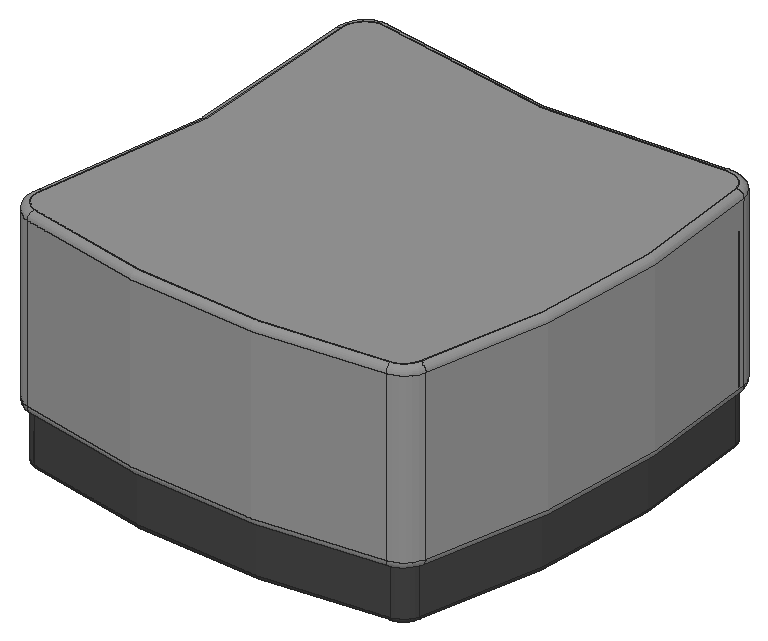
Revit family "16MS Creator Square Bench", category Generic Models, Revit 2018
Family settings
  Can host rebar = No
  Round Connector Dimension = Use Diameter
  Part Type = Normal
  Work Plane-Based = No
  Always vertical = Yes
  Cut with Voids When Loaded = No
  Shared = No
  Room Calculation Point = No
Parameters
  Fabric = 16MS Fabric
Reference planes (in)
  plane 1 "Center (Front/Back)": y = 0
  plane 2: z = 0
  plane 3 "Center (Left/Right)": x = 0
Forms (in)
  Extrusion 1, solid, material "16MS Fabric" <- "Fabric"
    sketch origin (0, 0, 0) x (1, 0, 0) y (0, 1, 0)
      loop
        arc (-9.48933, 18.71697) -> (-10.8612, 18.37495) -> (-11.33658, 17.0434) r 1.49712
        arc (-11.33658, 17.0434) -> (-10.79748, 4.99428) -> (-12.76196, -6.90583) r 58.00276
        arc (-12.76196, -6.90583) -> (-12.61873, -8.04353) -> (-11.71255, -8.74617) r 1.49712
        arc (-11.71255, -8.74617) -> (0.89224, -10.70813) -> (13.61768, -9.81758) r 56.99701
        arc (13.61768, -9.81758) -> (14.35188, -9.45468) -> (14.78527, -8.75977) r 1.49712
        arc (14.78527, -8.75977) -> (16.92392, 3.81624) -> (16.21204, 16.55293) r 56.99701
        arc (16.21204, 16.55293) -> (15.60199, 17.52386) -> (14.48391, 17.77837) r 1.49712
        arc (14.48391, 17.77837) -> (2.44823, 16.99462) -> (-9.48933, 18.71697) r 58.00276
    from 4 to 16.5
  Sweep 2, solid, material "16MS Fabric" <- "Fabric"
    path origin (0, 0, 0) x (1, 0, 0) y (0, 1, 0)
      loop
        arc (14.78527, -8.75977) -> (16.92392, 3.81624) -> (16.21204, 16.55293) r 56.99701
        arc (16.21204, 16.55293) -> (15.60199, 17.52386) -> (14.48391, 17.77837) r 1.49712
        arc (14.48391, 17.77837) -> (2.44823, 16.99462) -> (-9.48933, 18.71697) r 58.00276
        arc (-9.48933, 18.71697) -> (-10.8612, 18.37495) -> (-11.33658, 17.0434) r 1.49712
        arc (-11.33658, 17.0434) -> (-10.79748, 4.99428) -> (-12.76196, -6.90583) r 58.00276
        arc (-12.76196, -6.90583) -> (-12.61873, -8.04353) -> (-11.71255, -8.74617) r 1.49712
        arc (-11.71255, -8.74617) -> (0.89224, -10.70813) -> (13.61768, -9.81758) r 56.99701
        arc (13.61768, -9.81758) -> (14.35188, -9.45468) -> (14.78527, -8.75977) r 1.49712
    profile origin (16.92392, 3.81624, 0) x (-0.998415, 0.056277, 0) y (0, 0, 1)
      loop
        line (0, 4) -> (0, 16.5)
        arc (0, 16.5) -> (-0.35355, 16.35355) -> (-0.5, 16) r 0.5
        line (-0.5, 16) -> (-0.5, 4.5)
        arc (-0.5, 4.5) -> (-0.35355, 4.14645) -> (0, 4) r 0.5
  Extrusion 3, solid, material "16MS Frame"
    sketch origin (0, 0, 0) x (1, 0, 0) y (0, 1, 0)
      loop
        arc (-11.08934, 17.08048) -> (-10.54792, 4.97943) -> (-12.52087, -6.97197) r 58.25276
        arc (-12.52087, -6.97197) -> (-12.40155, -7.91969) -> (-11.64669, -8.505) r 1.24712
        arc (-11.64669, -8.505) -> (0.90281, -10.45835) -> (13.57243, -9.57171) r 56.74701
        arc (13.57243, -9.57171) -> (14.18402, -9.26941) -> (14.54504, -8.69054) r 1.24712
        arc (14.54504, -8.69054) -> (16.67432, 3.83031) -> (15.96556, 16.51113) r 56.74701
        arc (15.96556, 16.51113) -> (15.45738, 17.31993) -> (14.52601, 17.53194) r 1.24712
        arc (14.52601, 17.53194) -> (2.43845, 16.74481) -> (-9.55056, 18.47458) r 58.25276
        arc (-9.55056, 18.47458) -> (-10.69334, 18.18968) -> (-11.08934, 17.08048) r 1.24712
    from 0.5 to 4
  Sweep 4, solid, material "16MS Frame"
    path origin (0, 0, 0) x (1, 0, 0) y (0, 1, 0)
      loop
        arc (14.54504, -8.69054) -> (16.67432, 3.83031) -> (15.96556, 16.51113) r 56.74701
        arc (15.96556, 16.51113) -> (15.45738, 17.31993) -> (14.52601, 17.53194) r 1.24712
        arc (14.52601, 17.53194) -> (2.43845, 16.74481) -> (-9.55056, 18.47458) r 58.25276
        arc (-9.55056, 18.47458) -> (-10.69334, 18.18968) -> (-11.08934, 17.08048) r 1.24712
        arc (-11.08934, 17.08048) -> (-10.54792, 4.97943) -> (-12.52087, -6.97197) r 58.25276
        arc (-12.52087, -6.97197) -> (-12.40155, -7.91969) -> (-11.64669, -8.505) r 1.24712
        arc (-11.64669, -8.505) -> (0.90281, -10.45835) -> (13.57243, -9.57171) r 56.74701
        arc (13.57243, -9.57171) -> (14.18402, -9.26941) -> (14.54504, -8.69054) r 1.24712
    profile origin (16.67432, 3.83031, 0) x (-0.998415, 0.056277, 0) y (0, 0, 1)
      loop
        line (0, 0.5) -> (0, 4) -> (-0.25, 4) -> (-0.25, 0.75)
        arc (-0.25, 0.75) -> (-0.17678, 0.57322) -> (0, 0.5) r 0.25
  Revolve 5, solid, material "16MS Gliders"
    sketch origin (0, -6.94666, 0) x (1, 0, 0) y (0, 0, 1)
      loop
        line (-10.32647, 0.5) -> (-10.70147, 0.5) -> (-10.70147, 0) -> (-10.57647, 0)
        arc (-10.57647, 0) -> (-10.39969, 0.07322) -> (-10.32647, 0.25) r 0.25
        line (-10.32647, 0.25) -> (-10.32647, 0.5)
      axis (-10.70147, 0) -> (-10.70147, 0.5)
    angle from 0 to 360
  Revolve 6, solid, material "16MS Gliders"
    sketch origin (23.65042, -7.90586, 0) x (1, 0, 0) y (0, 0, 1)
      loop
        line (-10.32647, 0.5) -> (-10.70147, 0.5) -> (-10.70147, 0) -> (-10.57647, 0)
        arc (-10.57647, 0) -> (-10.39969, 0.07322) -> (-10.32647, 0.25) r 0.25
        line (-10.32647, 0.25) -> (-10.32647, 0.5)
      axis (-10.70147, 0) -> (-10.70147, 0.5)
    angle from 0 to 360
  Revolve 7, solid, material "16MS Gliders"
    sketch origin (25.02323, 15.72479, 0) x (1, 0, 0) y (0, 0, 1)
      loop
        line (-10.32647, 0.5) -> (-10.70147, 0.5) -> (-10.70147, 0) -> (-10.57647, 0)
        arc (-10.57647, 0) -> (-10.39969, 0.07322) -> (-10.32647, 0.25) r 0.25
        line (-10.32647, 0.25) -> (-10.32647, 0.5)
      axis (-10.70147, 0) -> (-10.70147, 0.5)
    angle from 0 to 360
  Revolve 8, solid, material "16MS Gliders"
    sketch origin (1.44918, 16.59964, 0) x (1, 0, 0) y (0, 0, 1)
      loop
        line (-10.32647, 0.5) -> (-10.70147, 0.5) -> (-10.70147, 0) -> (-10.57647, 0)
        arc (-10.57647, 0) -> (-10.39969, 0.07322) -> (-10.32647, 0.25) r 0.25
        line (-10.32647, 0.25) -> (-10.32647, 0.5)
      axis (-10.70147, 0) -> (-10.70147, 0.5)
    angle from 0 to 360
Dimensions and locks (in)
  aligned and locked: plane 2 to level
